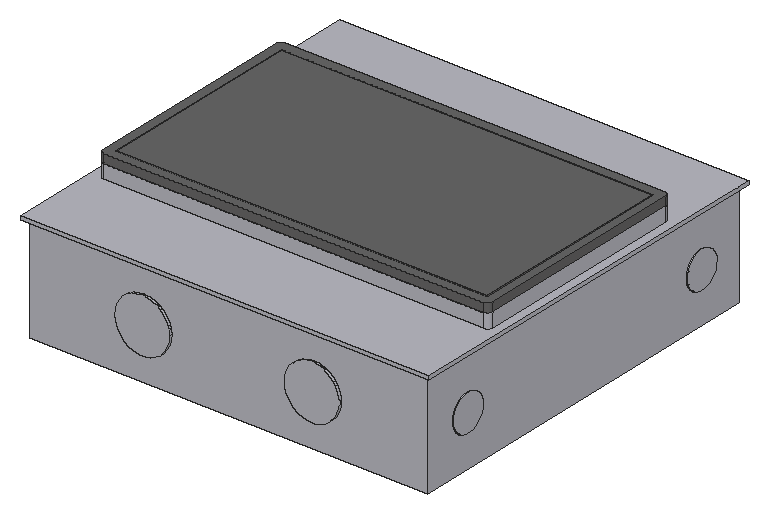
Revit family "Electrical_Equipment-Floor_Box-Hubbell_Wiring-4_Gang-Concrete_Deep-CFB4G30", category Electrical Fixtures, host Face, Revit 2015
Parameters (values of type "CFB4G30")
  URL = "http://www.hubbell-wiring.com/"
  Product data url = "https://bimobject.com/hubbellwiring/product/hubbell-cfb4g30"
  Product Page URL = "http://ecatalog.hubbell-wiring.com/productinformation/viewcatalog.aspx?Dest=hubbell-wiring.com/press/catalog/O.pdf"
  Product Documentation Link = "http://www.hubbell-wiring.com/DrawingLibrary.aspx/"
  Model = "CFB4G30"
  Manufacturer = "Hubbell-Wiring"  # constant formula
  Keynote = ""
  Device Plate 4 [instance] = Device Plate : FBMP139 - Simplex / 20A - 1.39" circular opening
  Device Plate 3 [instance] = Device Plate : FBMP139 - Simplex / 20A - 1.39" circular opening
  Device Plate 2 [instance] = Device Plate : FBMP139 - Simplex / 20A - 1.39" circular opening
  Device Plate 1 [instance] = Device Plate : FBMP139 - Simplex / 20A - 1.39" circular opening
  Description = "2 Gang Concrete Floor Box Deep"  # constant formula
  Default Elevation = 0.00"
  Cover Type [instance] = 2-4Tile : 24GTCVRBKC - Black - Recess
  Conduit Connector_9 Description = "Conduit 1in. 0.75in. or 0.5in. Connection"
  Conduit Connector_8 Description = "Conduit 1in. 0.75in. or 0.5in. Connection"
  Conduit Connector_7 Description = "Conduit 1in. 0.75in. or 0.5in. Connection"
  Conduit Connector_6 Description = "Conduit 1.5in. 1.25in. or 1in. Connection"
  Conduit Connector_5 Description = "Conduit 1.5in. 1.25in. or 1in. Connection"
  Conduit Connector_4 Description = "Conduit 1in. 0.75in. or 0.5in. Connection"
  Conduit Connector_3 Description = "Conduit 1in. 0.75in. or 0.5in. Connection"
  Conduit Connector_2 Description = "Conduit 1.5in. 1.25in. or 1in. Connection"
  Conduit Connector_12 Description = "Conduit 1in. 0.75in. or 0.5in. Connection"
  Conduit Connector_11 Description = "Conduit 1in. 0.75in. or 0.5in. Connection"
  Conduit Connector_10 Description = "Conduit 1in. 0.75in. or 0.5in. Connection"
  Conduit Connector_1 Description = "Conduit 1.5in. 1.25in. or 1in. Connection"
  Conduit Connector 2 Radius = 0.50"
  Conduit Connector 1 Radius = 0.75"
  Box Material = Metal - Hubbell - Steel
  Assembly Code = "D5020115"
Types (2): name | Model | Cover Type | Box Material
  CFB4G30 | "CFB4G30" | 2-4Tile : 24GTCVRBKC - Black - Recess | Metal - Hubbell - Steel
  CFB4G30CR | "CFB4G30CR" | 2-4Tile : 24GTCVRBRS - Brass - No Recess | Metal - Hubbell - Green Finish
Reference planes (in)
  plane 1 "Center (Front/Back)": y = 0
  plane 2: z = 0
  plane 3 "Center (Left/Right)": x = 0
  plane 4 "Bottom": z = -3.379
  plane 5: y = -4
  plane 6: z = -1.959
  plane 7: z = -3.439
  plane 8: x = -5.44626
  plane 9: x = 5.44626
  plane 10: y = 5.31784
  plane 11: y = -5.31784
  plane 12: z = -3.279
  plane 13: x = -5.24626
  plane 14: x = 5.24626
  plane 15: y = 5.12582
  plane 16: y = -5.12582
  plane 17: y = 4
  plane 18: x = -5.5
  plane 19: x = 5.5
  plane 20: y = -5.37784
  plane 21: y = 5.37784
  plane 22: x = -2.32
  plane 23: x = 2.32
  plane 24: z = -0.48
  plane 25: z = -0.38
Forms (in)
  Extrusion 1, solid, material "Metal - Hubbell - Steel" <- "Box Material"
    sketch origin (0, 0, -3.379) x (0, 1, 0) y (-1, 0, 0)
      loop
        line (-5.31784, 5.44626) -> (-5.31784, -5.44626) -> (5.31784, -5.44626) -> (5.31784, 5.44626) -> (-5.31784, 5.44626)
    from 0 to 2.899
  Extrusion 2, solid, material "Metal - Hubbell - Steel" <- "Box Material", detail levels medium+fine
    sketch origin (0, 0, 0) x (1, 0, 0) y (0, 0, 1)
      loop
        circle (-2.32, -1.959) r 0.75
      loop
        circle (2.32, -1.959) r 0.75
    from 5.31784 to 5.37784
  Extrusion 3, solid, material "Metal - Hubbell - Steel" <- "Box Material", detail levels medium+fine
    sketch origin (0, 0, 0) x (1, 0, 0) y (0, 0, -1)
      loop
        circle (-2.32, 1.959) r 0.75
      loop
        circle (2.32, 1.959) r 0.75
    from 5.31784 to 5.37784
  Extrusion 4, solid, material "Metal - Hubbell - Steel" <- "Box Material", detail levels medium+fine
    sketch origin (0, 0, 0) x (0, 1, 0) y (0, 0, 1)
      loop
        circle (-4, -1.959) r 0.5
      loop
        circle (4, -1.959) r 0.5
    from 5.44626 to 5.5
  Extrusion 5, solid, material "Metal - Hubbell - Steel" <- "Box Material", detail levels medium+fine
    sketch origin (0, 0, 0) x (0, 1, 0) y (0, 0, -1)
      loop
        circle (-4, 1.959) r 0.5
      loop
        circle (4, 1.959) r 0.5
    from 5.44626 to 5.5
  Extrusion 6, void
    sketch origin (0, 0, 0) x (1, 0, 0) y (0, 1, 0)
      loop
        line (-5.24626, 5.12582) -> (-5.24626, -5.12582) -> (5.24626, -5.12582) -> (5.24626, 5.12582) -> (-5.24626, 5.12582)
    from -3.279 to -0.48
  Extrusion 7, solid, material "Metal - Hubbell - Steel" <- "Box Material", detail levels medium+fine
    sketch origin (0, 0, 0) x (1, 0, 0) y (0, 1, 0)
      loop
        circle (4.58538, 4.145) r 0.5
      loop
        circle (-4.58538, -4.145) r 0.5
      loop
        circle (4.58538, -4.145) r 0.5
      loop
        circle (-4.58538, 4.145) r 0.5
    from -3.439 to -3.379
  Extrusion 8, void
    sketch origin (0, 0, 0) x (1, 0, 0) y (0, 1, 0)
      loop
        line (-5.5, 5.37784) -> (-5.5, -5.37784) -> (5.5, -5.37784) -> (5.5, 5.37784) -> (-5.5, 5.37784)
    from -3.439 to -0.38
  Sweep 9, solid, material "Metal - Hubbell - Steel" <- "Box Material"
    path origin (0, 0, 0) x (0, 1, 0) y (0, 0, 1)
      loop
        line (0, -0.48) -> (0, -0.38)
    profile origin (0, 0, -0.43) x (0, -1, 0) y (1, 0, 0)
      loop
        line (-5.46, -5.6001) -> (5.46, -5.6001) -> (5.46, 5.5999) -> (-5.46, 5.5999) -> (-5.46, -5.6001)
  Sweep 10, solid, material "Metal - Hubbell - Steel" <- "Box Material"
    path origin (0, 0, 0) x (0, 1, 0) y (0, 0, 1)
      loop
        line (0, -0.38) -> (0, 0)
    profile origin (0, 0, -0.19) x (0, -1, 0) y (1, 0, 0)
      loop
        line (3.09565, -5.1918) -> (3.09565, 5.1995)
        spline (3.09565, 5.1995) -> (3.09445, 5.21777) -> (3.09088, 5.23573) -> (3.08499, 5.25307) -> (3.07689, 5.2695) -> (3.06672, 5.28472) -> (3.05464, 5.29849) -> (3.04087, 5.31056) -> (3.02565, 5.32074) -> (3.00923, 5.32884) -> (2.99188, 5.33472) -> (2.97392, 5.33829) -> (2.95565, 5.33949)
        line (2.95565, 5.33949) -> (-2.95565, 5.33949)
        spline (-2.95565, 5.33949) -> (-2.97665, 5.33791) -> (-2.99718, 5.33319) -> (-3.01676, 5.32545) -> (-3.03497, 5.31486) -> (-3.05137, 5.30165) -> (-3.06561, 5.28614) -> (-3.07737, 5.26866) -> (-3.08637, 5.24962) -> (-3.0924, 5.22944) -> (-3.09535, 5.20859) -> (-3.09513, 5.18753) -> (-3.09176, 5.16674)
        line (-3.09176, 5.16674) -> (-3.09176, -5.15905)
        spline (-3.09176, -5.15905) -> (-3.09513, -5.17984) -> (-3.09535, -5.2009) -> (-3.0924, -5.22175) -> (-3.08637, -5.24193) -> (-3.07737, -5.26097) -> (-3.06561, -5.27844) -> (-3.05137, -5.29396) -> (-3.03497, -5.30716) -> (-3.01676, -5.31776) -> (-2.99718, -5.3255) -> (-2.97665, -5.33021) -> (-2.95565, -5.3318)
        line (-2.95565, -5.3318) -> (2.95565, -5.3318)
        spline (2.95565, -5.3318) -> (2.97392, -5.3306) -> (2.99188, -5.32703) -> (3.00923, -5.32114) -> (3.02565, -5.31304) -> (3.04087, -5.30287) -> (3.05464, -5.2908) -> (3.06672, -5.27703) -> (3.07689, -5.2618) -> (3.08499, -5.24538) -> (3.09088, -5.22804) -> (3.09445, -5.21008) -> (3.09565, -5.1918)
Cuts and joins
  Extrusion 6 cuts Extrusion 1
Lines and regions (in)
  symbolic lines
    curve 1: line (0, -5.31784, -3.379) -> (0, -5.31784, 0)
    curve 2: line (0, -5.31784, 0) -> (0, 5.31784, 0)
    curve 3: line (0, 5.31784, 0) -> (0, 5.31784, -3.379)
    curve 4: line (0, 5.31784, -3.379) -> (0, -5.31784, -3.379)
    curve 5: line (5.44626, 0, 0) -> (-5.44626, 0, 0)
    curve 6: line (-5.44626, 0, 0) -> (-5.44626, 0, -3.379)
    curve 7: line (-5.44626, 0, -3.379) -> (5.44626, 0, -3.379)
    curve 8: line (5.44626, 0, -3.379) -> (5.44626, 0, 0)
Dimensions and locks (in)
  level to plane 4 "Bottom" = 3.379"
  level to plane 7 = 3.439"
  level to plane 12 = 3.279"
  plane 6 to level = 1.959"
  equal spacing: Extrusion 7 sketch curve, plane 3 "Center (Left/Right)", Extrusion 7 sketch curve  (x2)
  equal spacing: Extrusion 7 sketch curve, plane 1 "Center (Front/Back)", Extrusion 7 sketch curve  (x2)
  locked: plane 13 to Extrusion 7 sketch curve at 0.66088  (x2)
  locked: plane 5 to Extrusion 5 sketch curve at 0
  locked: plane 6 to Extrusion 5 sketch curve at 0  (x2)
  locked: plane 17 to Extrusion 5 sketch curve at 0
  host face to plane 4 "Bottom" = 3.379"
  equal spacing: plane 23, plane 3 "Center (Left/Right)", plane 22
  locked: plane 3 "Center (Left/Right)" to plane 22 at 2.32
  locked: plane 11 to plane 20 at 0.06
  equal spacing: plane 17, plane 1 "Center (Front/Back)", plane 5
  locked: plane 17 to plane 1 "Center (Front/Back)" at 4
  equal spacing: plane 16, plane 1 "Center (Front/Back)", plane 15, locked at 5.12582 each
  equal spacing: plane 11, plane 1 "Center (Front/Back)", plane 10, locked at 5.31784 each
  equal spacing: plane 20, plane 1 "Center (Front/Back)", plane 21, locked at 5.37784 each
  equal spacing: plane 13, plane 3 "Center (Left/Right)", plane 14
  equal spacing: plane 8, plane 3 "Center (Left/Right)", plane 9
  equal spacing: plane 18, plane 3 "Center (Left/Right)", plane 19
  locked: plane 20 to plane 21 at 10.75568
  plane 18 to plane 19 = 11.00"
  plane 24 to plane 25 = 0.10"
  locked: plane 3 "Center (Left/Right)" to Sweep 10 at 5.33949
  locked: plane 3 "Center (Left/Right)" to Sweep 9 at 5.5999
  locked: plane 16 to Extrusion 7 sketch curve at 0.98082
  locked: Extrusion 7 sketch curve to plane 15 at 0.98082
  "Conduit Connector 2 Radius": radius of Extrusion 7 sketch curve  (x4)
  "Conduit Connector 2 Radius": radius of Extrusion 5 sketch curve  (x2)
  "Conduit Connector 2 Radius": radius of Extrusion 4 sketch curve  (x2)
  "Conduit Connector 1 Radius": radius of Extrusion 2 sketch curve  (x2)
  "Conduit Connector 1 Radius": radius of Extrusion 3 sketch curve  (x2)
  aligned and locked: host face to plane 2
  aligned and locked: level to host face
  aligned and locked: plane 8 to Extrusion 5
  aligned and locked: Extrusion 4 to plane 9
  aligned and locked: Extrusion 2 to plane 11
  aligned and locked: plane 10 to Extrusion 3
  aligned and locked: Extrusion 1 to plane 4 "Bottom"
  aligned and locked: Extrusion 1 sketch curve to plane 9
  aligned and locked: plane 10 to Extrusion 1 sketch curve
  aligned and locked: plane 8 to Extrusion 1 sketch curve
  aligned and locked: plane 11 to Extrusion 1 sketch curve
  aligned and locked: cut or joined group of Extrusion 1, Extrusion 6 to plane 13
  aligned and locked: plane 14 to cut or joined group of Extrusion 1, Extrusion 6
  aligned and locked: cut or joined group of Extrusion 1, Extrusion 6 to plane 15
  aligned and locked: plane 16 to cut or joined group of Extrusion 1, Extrusion 6
  aligned and locked: plane 4 "Bottom" to Extrusion 7
  aligned and locked: curve 2 to plane 2
  aligned and locked: curve 4 to plane 4 "Bottom"
  aligned and locked: plane 11 to curve 1
  aligned and locked: Extrusion 7 to plane 7
  aligned and locked: Extrusion 5 to plane 18
  aligned and locked: plane 19 to Extrusion 4
  aligned and locked: plane 20 to Extrusion 2
  aligned and locked: plane 21 to Extrusion 3
  aligned and locked: curve 7 to plane 4 "Bottom"
  aligned and locked: plane 9 to curve 8
  aligned and locked: Extrusion 6 to plane 12
  aligned and locked: plane 22 to Extrusion 2 sketch curve
  aligned and locked: plane 23 to Extrusion 2 sketch curve
  aligned and locked: plane 6 to Extrusion 2 sketch curve  (x2)
  aligned and locked: plane 6 to Extrusion 3 sketch curve  (x2)
  aligned and locked: plane 23 to Extrusion 3 sketch curve
  aligned and locked: plane 10 to curve 3
  aligned and locked: Extrusion 8 to Extrusion 4
  aligned and locked: Extrusion 8 to Extrusion 2
  aligned and locked: Extrusion 8 to Extrusion 3
  aligned and locked: Extrusion 8 to Extrusion 5
  aligned and locked: Extrusion 8 to plane 7
  aligned and locked: Extrusion 1 to plane 24
  aligned and locked: plane 1 "Center (Front/Back)" to Sweep 9 sketch curve
  aligned and locked: plane 25 to Sweep 9 sketch curve
  aligned and locked: level to Sweep 10 sketch curve
  aligned and locked: plane 25 to Sweep 10 sketch curve
  aligned and locked: plane 1 "Center (Front/Back)" to Sweep 10 sketch curve
  aligned and locked: plane 3 "Center (Left/Right)" to nested 1
  aligned and locked: nested 1 to plane 1 "Center (Front/Back)"
  aligned and locked: Extrusion 8 to plane 25
  aligned and locked: Extrusion 1 to Extrusion 6
  aligned and locked: plane 5 to Extrusion 4 sketch curve
  aligned and locked: plane 6 to Extrusion 4 sketch curve  (x2)
  aligned and locked: plane 17 to Extrusion 4 sketch curve
  aligned and locked: plane 2 to curve 5
  aligned and locked: curve 6 to plane 8
Automatic sketch dimensions
  host sketch curve to host sketch curve = 96.00"  (x2)
  Extrusion 6 sketch curve to plane 13 = 0.00"
  plane 14 to Extrusion 6 sketch curve = 0.00"
  plane 16 to Extrusion 6 sketch curve = 0.00"
  Extrusion 6 sketch curve to plane 15 = 0.00"
  Extrusion 8 sketch curve to plane 21 = 10.75568"
  Extrusion 8 sketch curve to plane 18 = 0.00"
  plane 18 to Extrusion 8 sketch curve = 11.00"
  Extrusion 8 sketch curve to Extrusion 8 sketch curve = 10.75568"
  Sweep 9 sketch curve to plane 3 "Center (Left/Right)" = 5.6001"
  profile plane to Sweep 9 sketch curve = 5.46"
  Sweep 10 sketch curve to profile plane = 2.85664"
  Sweep 10 sketch curve to Sweep 10 sketch curve = 0.099"  (x3)
  Sweep 10 sketch curve to Sweep 10 sketch curve = 0.00001"  (x4)
  Sweep 10 sketch curve to Sweep 10 sketch curve = 0.14001"  (x2)
  Sweep 10 sketch curve to plane 3 "Center (Left/Right)" = 5.3318"
  plane 3 "Center (Left/Right)" to Sweep 10 sketch curve = 5.1995"
  profile plane to Sweep 10 sketch curve = 2.95565"  (x2)
  Sweep 10 sketch curve to Sweep 10 sketch curve = 0.23901"
  Sweep 10 sketch curve to Sweep 10 sketch curve = 0.09901"
  Sweep 10 sketch curve to Sweep 10 sketch curve = 0.13611"
  Sweep 10 sketch curve to Sweep 10 sketch curve = 0.03275"
  Sweep 10 sketch curve to Sweep 10 sketch curve = 0.17275"
  Sweep 10 sketch curve to Sweep 10 sketch curve = 0.13612"
  plane 3 "Center (Left/Right)" to Sweep 9 sketch curve = 5.5999"
  Sweep 9 sketch curve to profile plane = 5.46"
  plane 24 to Sweep 9 sketch curve = 0.00"
  Extrusion 3 sketch curve to plane 22 = 0.00"
Nested families (in)
  nested 1: "2-4Tile" at (0, 0, 0) x (0, 1, 0) z (0, 0, 1), type <- "Cover Type", type "24GTCVRBKC - Black - Recess"
    with Recess Cover yes
Connectors (in)
  cabletrayconduit at (-2.32, -5.37784, -1.959), diameter 1.5, driven by "Conduit Connector_1 Description", driven by "Conduit Connector 1 Radius"
    settings: on Extrusion 2, index 1, connector width 12.00", connector height 12.00", connector angle 0.00°, system type 32, placement type 0, profile type 0, connector reference index -1, is primary connector yes, connector utility param no, connector description "Conduit 1.5in. 1.25in. or 1in. Connection"
  cabletrayconduit at (2.32, -5.37784, -1.959), diameter 1.5, driven by "Conduit Connector_2 Description", driven by "Conduit Connector 1 Radius"
    settings: on Extrusion 2, index 2, connector width 12.00", connector height 12.00", connector angle 0.00°, system type 32, placement type 0, profile type 0, connector reference index -1, is primary connector no, connector utility param no, connector description "Conduit 1.5in. 1.25in. or 1in. Connection"
  cabletrayconduit at (5.5, -4, -1.959), diameter 1, driven by "Conduit Connector_3 Description", driven by "Conduit Connector 2 Radius"
    settings: on Extrusion 4, index 3, connector width 12.00", connector height 12.00", connector angle 0.00°, system type 32, placement type 0, profile type 0, connector reference index -1, is primary connector no, connector utility param no, connector description "Conduit 1in. 0.75in. or 0.5in. Connection"
  cabletrayconduit at (5.5, 4, -1.959), diameter 1, driven by "Conduit Connector_4 Description", driven by "Conduit Connector 2 Radius"
    settings: on Extrusion 4, index 4, connector width 12.00", connector height 12.00", connector angle 0.00°, system type 32, placement type 0, profile type 0, connector reference index -1, is primary connector no, connector utility param no, connector description "Conduit 1in. 0.75in. or 0.5in. Connection"
  cabletrayconduit at (2.32, 5.37784, -1.959), diameter 1.5, driven by "Conduit Connector_5 Description", driven by "Conduit Connector 1 Radius"
    settings: on Extrusion 3, index 5, connector width 12.00", connector height 12.00", connector angle 0.00°, system type 32, placement type 0, profile type 0, connector reference index -1, is primary connector no, connector utility param no, connector description "Conduit 1.5in. 1.25in. or 1in. Connection"
  cabletrayconduit at (-2.32, 5.37784, -1.959), diameter 1.5, driven by "Conduit Connector_6 Description", driven by "Conduit Connector 1 Radius"
    settings: on Extrusion 3, index 6, connector width 12.00", connector height 12.00", connector angle 0.00°, system type 32, placement type 0, profile type 0, connector reference index -1, is primary connector no, connector utility param no, connector description "Conduit 1.5in. 1.25in. or 1in. Connection"
  cabletrayconduit at (-5.5, 4, -1.959), diameter 1, driven by "Conduit Connector_7 Description", driven by "Conduit Connector 2 Radius"
    settings: on Extrusion 5, index 7, connector width 12.00", connector height 12.00", connector angle 0.00°, system type 32, placement type 0, profile type 0, connector reference index -1, is primary connector no, connector utility param no, connector description "Conduit 1in. 0.75in. or 0.5in. Connection"
  cabletrayconduit at (-5.5, -4, -1.959), diameter 1, driven by "Conduit Connector_8 Description", driven by "Conduit Connector 2 Radius"
    settings: on Extrusion 5, index 8, connector width 12.00", connector height 12.00", connector angle 0.00°, system type 32, placement type 0, profile type 0, connector reference index -1, is primary connector no, connector utility param no, connector description "Conduit 1in. 0.75in. or 0.5in. Connection"
  cabletrayconduit at (-4.58538, -4.145, -3.439), diameter 1, driven by "Conduit Connector_9 Description", driven by "Conduit Connector 2 Radius"
    settings: on Extrusion 7, index 9, connector width 12.00", connector height 12.00", connector angle 0.00°, system type 32, placement type 0, profile type 0, connector reference index -1, is primary connector no, connector utility param no, connector description "Conduit 1in. 0.75in. or 0.5in. Connection"
  cabletrayconduit at (4.58538, -4.145, -3.439), diameter 1, driven by "Conduit Connector_10 Description", driven by "Conduit Connector 2 Radius"
    settings: on Extrusion 7, index 10, connector width 12.00", connector height 12.00", connector angle 0.00°, system type 32, placement type 0, profile type 0, connector reference index -1, is primary connector no, connector utility param no, connector description "Conduit 1in. 0.75in. or 0.5in. Connection"
  cabletrayconduit at (4.58538, 4.145, -3.439), diameter 1, driven by "Conduit Connector_11 Description", driven by "Conduit Connector 2 Radius"
    settings: on Extrusion 7, index 11, connector width 12.00", connector height 12.00", connector angle 0.00°, system type 32, placement type 0, profile type 0, connector reference index -1, is primary connector no, connector utility param no, connector description "Conduit 1in. 0.75in. or 0.5in. Connection"
  cabletrayconduit at (-4.58538, 4.145, -3.439), diameter 1, driven by "Conduit Connector_12 Description", driven by "Conduit Connector 2 Radius"
    settings: on Extrusion 7, index 12, connector width 12.00", connector height 12.00", connector angle 0.00°, system type 32, placement type 0, profile type 0, connector reference index -1, is primary connector no, connector utility param no, connector description "Conduit 1in. 0.75in. or 0.5in. Connection"
Definition of nested family "2-4Tile"
  Parameters
    URL = "http://www.hubbell-wiring.com/"
    Recess Cover = no
    Product Page URL = ""
    Product Documentation Link = ""
    Model = "24GTCVRNK"
    Manufacturer = "Hubbell-Wiring"  # constant formula
    Description = "2 & 4 Gang Tile Cover Assy."  # constant formula
    Default Elevation = 0.00"
    Cover Material = none
    Assembly Code = "D5020115"
  Reference planes (in)
    plane 1 "Center (Front/Back)": y = 0
    plane 2: z = 0
    plane 3 "Center (Left/Right)": x = 0
    plane 4: x = -2.835
    plane 5: x = 2.835
    plane 6: y = 5.08
    plane 7: y = -5.08
    plane 8: z = 0.24
    plane 9: x = 3.09
    plane 10: x = -3.09
    plane 11: y = 5.33
    plane 12: y = -5.33
    plane 13: x = -2.71
    plane 14: x = 2.71
    plane 15: y = 4.955
    plane 16: y = -4.955
    plane 17: z = -0.25
    plane 18: y = 2.145
    plane 19: y = -2.145
    plane 20: x = -1.625
    plane 21: x = 1.625
    plane 22: x = -1.07
    plane 23: x = 1.07
    plane 24: y = 3.22
    plane 25: y = -3.22
  Forms (in)
    Extrusion 1, solid
      sketch origin (0, 0, 0) x (1, 0, 0) y (0, 1, 0)
        loop
          line (-48, 48) -> (-48, -48) -> (48, -48) -> (48, 48) -> (-48, 48)
      from 0 to -12
    Extrusion 2, solid, material <- "Cover Material"
      sketch origin (0, 0, 0) x (1, 0, 0) y (0, 1, 0)
        loop
          line (-2.835, 5.08) -> (-2.835, -5.08) -> (2.835, -5.08) -> (2.835, 5.08) -> (-2.835, 5.08)
      from 0 to 0.24
    Extrusion 3, solid, material <- "Cover Material"
      sketch origin (0, 0, 0) x (1, 0, 0) y (0, 1, 0)
        loop
          line (-2.835, 5.08) -> (-2.835, -5.08) -> (2.835, -5.08) -> (2.835, 5.08) -> (-2.835, 5.08)
        loop
          arc (-2.965, 5.33) -> (-3.05339, 5.29339) -> (-3.09, 5.205) r 0.125
          line (-3.09, 5.205) -> (-3.09, -5.2)
          arc (-3.09, -5.2) -> (-3.05192, -5.29192) -> (-2.96, -5.33) r 0.13
          line (-2.96, -5.33) -> (2.96, -5.33)
          arc (2.96, -5.33) -> (3.05192, -5.29192) -> (3.09, -5.2) r 0.13
          line (3.09, -5.2) -> (3.09, 5.2)
          arc (3.09, 5.2) -> (3.05192, 5.29192) -> (2.96, 5.33) r 0.13
          line (2.96, 5.33) -> (-2.965, 5.33)
      from 0 to 0.24
    Extrusion 4, solid, material <- "Cover Material"
      sketch origin (0, 0, 0) x (1, 0, 0) y (0, 1, 0)
        loop
          line (-2.835, 5.08) -> (-2.835, -5.08) -> (2.835, -5.08) -> (2.835, 5.08) -> (-2.835, 5.08)
        loop
          line (-2.71, 4.955) -> (-2.71, -4.955) -> (2.71, -4.955) -> (2.71, 4.955) -> (-2.71, 4.955)
      from 0 to -0.25
  Cuts and joins
    joined: Extrusion 2, Extrusion 4
  Lines and regions (in)
    symbolic lines
      curve 1: line (-3.09, 5.33, 0) -> (3.09, 5.33, 0)
      curve 2: line (-3.09, -5.33, 0) -> (-3.09, 5.33, 0)
      curve 3: line (3.09, -5.33, 0) -> (-3.09, -5.33, 0)
      curve 4: line (3.09, 5.33, 0) -> (3.09, -5.33, 0)
      curve 9: line (-3.09, 0, 0.24) -> (3.09, 0, 0.24)
      curve 10: line (-3.09, 0, 0) -> (-3.09, 0, 0.24)
      curve 11: line (3.09, 0, 0) -> (-3.09, 0, 0)
      curve 12: line (3.09, 0, 0.24) -> (3.09, 0, 0)
      curve 13: line (2.835, 0, -0.25) -> (-2.835, 0, -0.25)
      curve 14: line (2.835, 0, 0) -> (2.835, 0, -0.25)
      curve 15: line (-2.835, 0, -0.25) -> (-2.835, 0, 0)
      curve 16: line (0, 5.33, 0.24) -> (0, -5.33, 0.24)
      curve 17: line (0, 5.33, 0) -> (0, 5.33, 0.24)
      curve 18: line (0, -5.33, 0) -> (0, 5.33, 0)
      curve 19: line (0, -5.33, 0.24) -> (0, -5.33, 0)
      curve 20: line (0, 5.08, -0.25) -> (0, 5.08, 0)
      curve 21: line (0, -5.08, -0.25) -> (0, 5.08, -0.25)
      curve 22: line (0, -5.08, 0) -> (0, -5.08, -0.25)
    symbolic lines, detail levels medium+fine
      curve 5: line (-2.835, 5.08, 0) -> (2.835, 5.08, 0)
      curve 6: line (-2.835, -5.08, 0) -> (-2.835, 5.08, 0)
      curve 7: line (2.835, -5.08, 0) -> (-2.835, -5.08, 0)
      curve 8: line (2.835, 5.08, 0) -> (2.835, -5.08, 0)
      curve 39: line (-1.625, 1.895, 0) -> (-1.625, -1.895, 0)
      curve 40: arc (-1.625, -1.895, 0) -> (-1.69822, -2.07178, 0) -> (-1.875, -2.145, 0) r 0.25
      curve 41: line (-1.875, -2.145, 0) -> (-2.835, -2.145, 0)
      curve 42: line (-2.835, -2.145, 0) -> (-2.835, 2.145, 0)
      curve 43: line (-2.835, 2.145, 0) -> (-1.875, 2.145, 0)
      curve 44: arc (-1.875, 2.145, 0) -> (-1.69822, 2.07178, 0) -> (-1.625, 1.895, 0) r 0.25
      curve 45: line (1.625, 1.895, 0) -> (1.625, -1.895, 0)
      curve 46: arc (1.625, -1.895, 0) -> (1.69822, -2.07178, 0) -> (1.875, -2.145, 0) r 0.25
      curve 47: line (1.875, -2.145, 0) -> (2.835, -2.145, 0)
      curve 48: line (2.835, -2.145, 0) -> (2.835, 2.145, 0)
      curve 49: line (2.835, 2.145, 0) -> (1.875, 2.145, 0)
      curve 50: arc (1.875, 2.145, 0) -> (1.69822, 2.07178, 0) -> (1.625, 1.895, 0) r 0.25
    model lines, detail levels medium+fine
      curve 23: line (2.835, 2.145, 0.24) -> (1.875, 2.145, 0.24)
      curve 24: line (2.835, -2.145, 0.24) -> (2.835, 2.145, 0.24)
      curve 25: line (1.875, -2.145, 0.24) -> (2.835, -2.145, 0.24)
      curve 26: line (1.625, 1.895, 0.24) -> (1.625, -1.895, 0.24)
      curve 27: arc (1.625, 1.895, 0.24) -> (1.69822, 2.07178, 0.24) -> (1.875, 2.145, 0.24) r 0.25
      curve 28: arc (1.875, -2.145, 0.24) -> (1.69822, -2.07178, 0.24) -> (1.625, -1.895, 0.24) r 0.25
      curve 31: line (-2.835, 2.145, 0.24) -> (-1.875, 2.145, 0.24)
      curve 32: line (-2.835, -2.145, 0.24) -> (-2.835, 2.145, 0.24)
      curve 33: line (-1.875, -2.145, 0.24) -> (-2.835, -2.145, 0.24)
      curve 34: line (-1.625, 1.895, 0.24) -> (-1.625, -1.895, 0.24)
      curve 35: arc (-1.625, 1.895, 0.24) -> (-1.69822, 2.07178, 0.24) -> (-1.875, 2.145, 0.24) r 0.25
      curve 36: arc (-1.875, -2.145, 0.24) -> (-1.69822, -2.07178, 0.24) -> (-1.625, -1.895, 0.24) r 0.25
    reference lines
      curve 29: arc (1.625, 1.895, 0.24) -> (1.69822, 2.07178, 0.24) -> (1.875, 2.145, 0.24) r 0.25
      curve 30: arc (1.875, -2.145, 0.24) -> (1.69822, -2.07178, 0.24) -> (1.625, -1.895, 0.24) r 0.25
      curve 37: arc (-1.625, 1.895, 0.24) -> (-1.69822, 2.07178, 0.24) -> (-1.875, 2.145, 0.24) r 0.25
      curve 38: arc (-1.875, -2.145, 0.24) -> (-1.69822, -2.07178, 0.24) -> (-1.625, -1.895, 0.24) r 0.25
    model lines, visible <- "Recess Cover", detail levels medium+fine
      curve 51: line (-1.07, 3.22, 0.24) -> (1.07, 3.22, 0.24)
      curve 52: line (-1.07, -3.22, 0.24) -> (-1.07, 3.22, 0.24)
      curve 53: line (1.07, -3.22, 0.24) -> (-1.07, -3.22, 0.24)
      curve 54: line (1.07, 3.22, 0.24) -> (1.07, -3.22, 0.24)
  Dimensions and locks (in)
    equal spacing: plane 4, plane 3 "Center (Left/Right)", plane 5
    locked: plane 4 to plane 5 at 5.67
    equal spacing: plane 7, plane 1 "Center (Front/Back)", plane 6
    locked: plane 7 to plane 6 at 10.16
    locked: plane 8 to plane 2 at 0.24
    equal spacing: plane 10, plane 3 "Center (Left/Right)", plane 9
    locked: plane 10 to plane 9 at 6.18
    equal spacing: plane 12, plane 1 "Center (Front/Back)", plane 11
    locked: plane 11 to plane 12 at 10.66
    locked: plane 4 to plane 13 at 0.125
    locked: plane 14 to plane 5 at 0.125
    locked: plane 15 to plane 6 at 0.125
    locked: plane 16 to plane 7 at 0.125
    locked: plane 2 to plane 17 at 0.25
    equal spacing: plane 19, plane 1 "Center (Front/Back)", plane 18
    locked: plane 19 to plane 18 at 4.29
    locked: plane 4 to plane 20 at 1.21
    locked: plane 21 to plane 5 at 1.21
    equal spacing: plane 22, plane 3 "Center (Left/Right)", plane 23
    locked: plane 22 to plane 23 at 2.14
    equal spacing: plane 25, plane 1 "Center (Front/Back)", plane 24
    radius of Extrusion 3 sketch curve = 0.125"
    radius of Extrusion 3 sketch curve = 0.13"  (x3)
    aligned and locked: plane 2 to Extrusion 1
    aligned and locked: level to Extrusion 1
    aligned and locked: plane 6 to Extrusion 2 sketch curve
    aligned and locked: Extrusion 2 sketch curve to plane 4
    aligned and locked: plane 7 to Extrusion 2 sketch curve
    aligned and locked: Extrusion 2 sketch curve to plane 5
    aligned and locked: plane 8 to Extrusion 2
    aligned and locked: Extrusion 3 sketch curve to Extrusion 2  (x4)
    aligned and locked: plane 11 to Extrusion 3 sketch curve
    aligned and locked: Extrusion 3 sketch curve to plane 10
    aligned and locked: plane 12 to Extrusion 3 sketch curve
    aligned and locked: Extrusion 3 sketch curve to plane 9
    aligned and locked: plane 8 to Extrusion 3
    aligned and locked: Extrusion 3 to plane 2
    aligned and locked: Extrusion 2 to plane 2
    aligned and locked: Extrusion 4 sketch curve to Extrusion 2  (x4)
    aligned and locked: plane 15 to Extrusion 4 sketch curve
    aligned and locked: Extrusion 4 sketch curve to plane 13
    aligned and locked: plane 16 to Extrusion 4 sketch curve
    aligned and locked: Extrusion 4 sketch curve to plane 14
    aligned and locked: Extrusion 4 to plane 17
    aligned and locked: plane 2 to Extrusion 4
    aligned and locked: plane 11 to curve 1
    aligned and locked: curve 2 to plane 10
    aligned and locked: plane 12 to curve 3
    aligned and locked: curve 4 to plane 9
    aligned and locked: curve 5 to Extrusion 2
    aligned and locked: curve 6 to Extrusion 2
    aligned and locked: curve 7 to Extrusion 2
    aligned and locked: curve 8 to Extrusion 2
    aligned and locked: curve 14 to Extrusion 4
    aligned and locked: curve 15 to Extrusion 4
    aligned and locked: curve 20 to Extrusion 4
    aligned and locked: curve 21 to Extrusion 4
    aligned and locked: curve 22 to Extrusion 4
    aligned and locked: curve 23 to plane 18
    aligned and locked: plane 5 to curve 24
    aligned and locked: curve 29 to curve 27
    aligned and locked: curve 30 to curve 28
    aligned and locked: curve 32 to plane 4
    aligned and locked: curve 36 to curve 38
    aligned and locked: curve 35 to curve 37
    aligned and locked: curve 40 to curve 36
    aligned and locked: curve 42 to curve 32
    aligned and locked: curve 43 to curve 31
    aligned and locked: curve 44 to curve 35
    aligned and locked: curve 46 to curve 28
    aligned and locked: curve 48 to curve 24
    aligned and locked: curve 49 to curve 23
    aligned and locked: curve 50 to curve 27
    aligned and locked: curve 9 to plane 8
    aligned and locked: curve 10 to plane 10
    aligned and locked: curve 12 to plane 9
    aligned and locked: plane 2 to curve 11
    aligned and locked: cut or joined group of Extrusion 2, Extrusion 4 to plane 17
    aligned and locked: plane 17 to curve 13
    aligned and locked: plane 12 to curve 19
    aligned and locked: curve 16 to plane 8
    aligned and locked: plane 11 to curve 17
    aligned and locked: plane 2 to curve 18
    aligned and locked: plane 24 to curve 51
    aligned and locked: curve 52 to plane 22
    aligned and locked: plane 25 to curve 53
    aligned and locked: curve 54 to plane 23
  Automatic sketch dimensions
    Extrusion 1 sketch curve to Extrusion 1 sketch curve = 96.00"  (x2)
    curve 37 to curve 38 = 0.00"
    curve 37 to curve 37 = 0.25"
    curve 38 to curve 38 = 0.25"
    curve 37 to curve 29 = 3.25"
    curve 38 to curve 30 = 3.25"
    curve 29 to curve 29 = 0.25"
    curve 30 to curve 30 = 0.25"
    curve 30 to curve 38 = 0.25"
    curve 38 to curve 37 = 3.79"
    curve 37 to curve 29 = 0.00"
